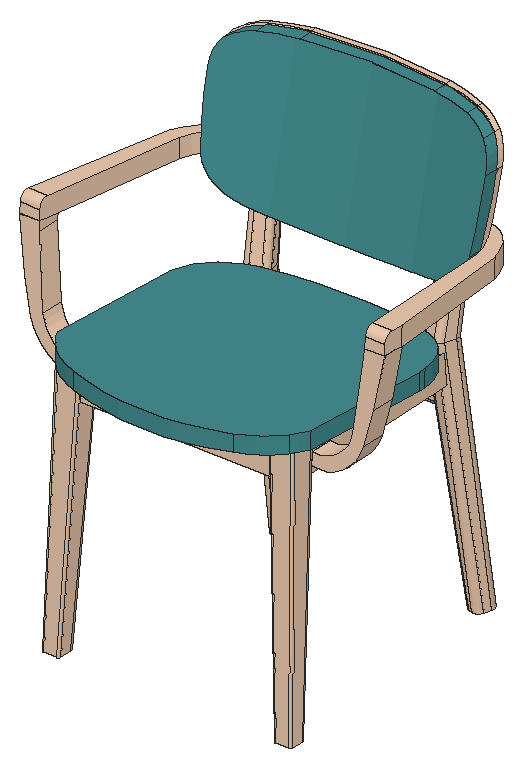
Revit family "FU_Chair_Sandler_Celina 2-13", category Furniture, Revit 2020
Family settings
  OmniClass Number = 23.40.20.00
  OmniClass Title = General Furniture and Specialties
  Work Plane-Based = No
  Always vertical = Yes
  Cut with Voids When Loaded = No
  Shared = No
  Room Calculation Point = No
Parameters (values of type "Celina 2.13")
  Width = 500 mm
  URL = "https://www.sandlerseating.com/product/celina-2-11/"
  Seat [instance] = Fabric - Manhattan - Leroy YI160
  Model = "Celina 2.13"
  Manufacturer = "Sandler"
  Height = 820 mm
  Frame [instance] = Wood - Beech - Walnut - V
  Description = "Armchair with a fully upholstered seat and upholstered back panel. The frame is in solid beech."
  Depth = 550 mm
  Default Elevation = 0 mm
Reference planes
  plane 1 "Center (Front/Back)": y = 0
  plane 2: z = 0
  plane 3 "Center (Left/Right)": x = 0
  plane 4 "Right": x = -250
  plane 5 "Left": x = 250
  plane 6 "Back": y = 275
  plane 7 "Front": y = -275
  plane 8 "Height": z = 820
  plane 9 "Seat height": z = 460
  plane 10 "Right Arm": x = -325
  plane 11 "Left Arm": x = 325
  plane 12 "FL C FRONT": through (206.59, -1524, 5.36) normal (-0.9994, 0, -0.0359)
  plane 13 "BL C Front": through (-178.282, -1524, 5.132) normal (-0.9999, 0, 0.0103)
  plane 14 "FL C RIGHT": through (4267.2, -211.114, 5.562) normal (0, -0.9986, 0.0521)
  plane 15: through (4267.2, 255.502, 4.2) normal (0, -0.9887, -0.1501)
  plane 16: through (4267.2, 190.415, 493.994) normal (0, -0.984, 0.1783)
Forms (mm)
  Sweep 1, solid, material "Fabric - Manhattan - Leroy YI160" <- "Seat"
    path origin (0.119, 29.292, 439.708) x (0, 0.99863, -0.052336) y (1, 0, 0)
      loop
        line (-311.844, 0) -> (171.86, 0)
    profile "Pro_celina_Seat_UPH : Pro_celina_Seat_UPH" origin (0.119, -40.604, 443.371) x (1, 0, 0) y (0, -0.052336, -0.99863)
      loop
        arc (226.228, -11.375) -> (0, 0) -> (-226.228, -11.375) r 2255.339
        line (-226.228, -11.375) -> (-226.228, -41.375)
        arc (-226.228, -41.375) -> (0, -30) -> (226.228, -41.375) r 2255.339
        line (226.228, -41.375) -> (226.228, -11.375)
  Extrusion 2, void
    sketch origin (0.119, -20.296, 502.02) x (-1, 0, 0) y (0, -1, 0)
      loop
        line (248.521, -230.925) -> (248.521, 269.075) -> (-251.479, 269.075) -> (-251.479, -230.925) -> (248.521, -230.925)
      loop
        arc (141.879, 235.713) -> (0.119, 256.987) -> (-141.64, 235.713) r 482.927
        arc (-141.64, 235.713) -> (-177.703, 219.068) -> (-208.046, 193.437) r 148.11
        arc (-208.046, 193.437) -> (-229.338, 158.084) -> (-235.769, 117.318) r 107.689
        arc (-235.769, 117.318) -> (-233.624, 13.584) -> (-224.626, -89.781) r 1568.852
        arc (-224.626, -89.781) -> (-196.277, -154.472) -> (-136.874, -192.68) r 122.229
        arc (-136.874, -192.68) -> (0.119, -211.879) -> (137.113, -192.68) r 498.358
        arc (137.113, -192.68) -> (196.516, -154.472) -> (224.865, -89.781) r 122.229
        arc (224.865, -89.781) -> (233.862, 13.584) -> (236.008, 117.318) r 1568.852
        arc (236.008, 117.318) -> (229.577, 158.084) -> (208.285, 193.437) r 107.689
        arc (208.285, 193.437) -> (177.942, 219.068) -> (141.879, 235.713) r 148.11
    from 10.492 to -76.796
  Sweep 3, solid, material "Fabric - Manhattan - Leroy YI160" <- "Seat"
    path origin (0.119, 37.154, -270.249) x (0, 1, 0) y (0, 0, 1)
      loop
        line (154.569, 770) -> (234.758, 1108.042)
    profile "Pro_celina_Back_UPH : Pro_celina_Back_UPH" origin (0.119, 231.818, 668.772) x (0, -0.972998, 0.230812) y (1, 0, 0)
      loop
        arc (42.034, 246.545) -> (3, 0) -> (42.034, -246.545) r 798.125
        arc (42.034, -246.545) -> (43.85, -249.045) -> (46.789, -250) r 5
        line (46.789, -250) -> (73.165, -250)
        arc (73.165, -250) -> (33, 0) -> (73.165, 250) r 798.125
        line (73.165, 250) -> (46.789, 250)
        arc (46.789, 250) -> (43.85, 249.045) -> (42.034, 246.545) r 5
  Extrusion 4, void
    sketch origin (0.119, 39.342, -270.874) x (1, 0, 0) y (0, 0, 1)
      loop
        line (119.761, 1090) -> (-121.25, 1090)
        arc (-121.25, 1090) -> (-154.552, 1088.857) -> (-187.721, 1085.67) r 541.973
        arc (-187.721, 1085.67) -> (-211.489, 1079.491) -> (-232.923, 1067.503) r 96.341
        arc (-232.923, 1067.503) -> (-245.694, 1045.257) -> (-249.494, 1019.89) r 69.271
        arc (-249.494, 1019.89) -> (-247.861, 958.646) -> (-241.122, 897.751) r 733.414
        arc (-241.122, 897.751) -> (-232.137, 873.763) -> (-214.284, 855.393) r 62.504
        arc (-214.284, 855.393) -> (-182.775, 839.296) -> (-148.432, 830.784) r 154.624
        arc (-148.432, 830.784) -> (-5.305, 821.343) -> (137.883, 829.803) r 1149.301
        arc (137.883, 829.803) -> (177.655, 837.565) -> (214.045, 855.393) r 154.624
        arc (214.045, 855.393) -> (231.898, 873.763) -> (240.883, 897.751) r 62.504
        arc (240.883, 897.751) -> (247.622, 958.646) -> (249.256, 1019.89) r 733.414
        arc (249.256, 1019.89) -> (245.455, 1045.257) -> (232.684, 1067.503) r 69.271
        arc (232.684, 1067.503) -> (211.25, 1079.491) -> (187.482, 1085.67) r 96.341
        arc (187.482, 1085.67) -> (153.689, 1088.897) -> (119.761, 1090) r 541.59
      loop
        line (-260, 1133.116) -> (-260, 753.116) -> (260, 753.116) -> (260, 1133.116) -> (-260, 1133.116)
    from -246.089 to -65.658
  SweptBlend 5, solid, material "Wood - Beech - Walnut - V" <- "Frame"
    path origin (206.516, 0, 7.419) x (0.035902, 0, -0.999355) y (0, -1, 0)
      loop
        line (15.798, 211.845) -> (-453.563, 187.36)
    profile origin (207.083, -211.845, -8.369) x (0.00187, 0.998642, -0.052062) y (-0.999355, 0, -0.035902)
      loop
        arc (-14.979, -11.006) -> (-13.796, -13.848) -> (-10.949, -15.021) r 4.023
        line (-10.949, -15.021) -> (11.028, -14.979)
        arc (11.028, -14.979) -> (13.854, -13.803) -> (15.021, -10.972) r 4
        line (15.021, -10.972) -> (14.979, 11.028)
        arc (14.979, 11.028) -> (13.803, 13.854) -> (10.972, 15.021) r 4
        line (10.972, 15.021) -> (-11.028, 14.979)
        arc (-11.028, 14.979) -> (-13.854, 13.803) -> (-15.021, 10.972) r 4
        line (-15.021, 10.972) -> (-14.979, -11.006)
    end profile origin (190.232, -187.36, 460.69) x (0.00187, 0.998642, -0.052062) y (-0.999355, 0, -0.035902)
      loop
        arc (-21.966, -18.041) -> (-20.789, -20.867) -> (-17.959, -22.034) r 4
        line (-17.959, -22.034) -> (18.041, -21.966)
        arc (18.041, -21.966) -> (20.867, -20.789) -> (22.034, -17.959) r 4
        line (22.034, -17.959) -> (21.966, 18.041)
        arc (21.966, 18.041) -> (20.789, 20.867) -> (17.959, 22.034) r 4
        line (17.959, 22.034) -> (-18.041, 21.966)
        arc (-18.041, 21.966) -> (-20.867, 20.789) -> (-22.034, 17.959) r 4
        line (-22.034, 17.959) -> (-21.966, -18.041)
  SweptBlend 6, solid, material "Wood - Beech - Walnut - V" <- "Frame"
    path origin (-178.316, 0, 1.838) x (-0.010308, 0, -0.999947) y (0, -1, 0)
      loop
        line (10.63, -257.754) -> (-463.93, -185.692)
    profile origin (-178.425, 257.754, -8.791) x (0.001548, 0.988666, 0.150121) y (-0.999947, 0, 0.010308)
      loop
        line (16.945, 1.2) -> (15.071, 7.954)
        arc (15.071, 7.954) -> (9.652, 14.89) -> (0.916, 15.962) r 11.5
        line (0.916, 15.962) -> (-12.575, 12.22)
        arc (-12.575, 12.22) -> (-19.51, 6.801) -> (-20.583, -1.935) r 11.5
        line (-20.583, -1.935) -> (-18.712, -8.681)
        arc (-18.712, -8.681) -> (-13.292, -15.616) -> (-4.556, -16.688) r 11.5
        line (-4.556, -16.688) -> (8.943, -12.944)
        arc (8.943, -12.944) -> (15.873, -7.529) -> (16.945, 1.2) r 11.49
    end profile origin (-173.534, 185.692, 465.743) x (0.001548, 0.988666, 0.150121) y (-0.999947, 0, 0.010308)
      loop
        line (5.481, 10.089) -> (-14.232, 4.749)
        arc (-14.232, 4.749) -> (-20.595, -0.161) -> (-21.622, -8.131) r 10.5
        line (-21.622, -8.131) -> (-16.447, -27.235)
        arc (-16.447, -27.235) -> (-11.538, -33.597) -> (-3.567, -34.624) r 10.5
        line (-3.567, -34.624) -> (16.146, -29.284)
        arc (16.146, -29.284) -> (22.508, -24.375) -> (23.535, -16.404) r 10.5
        line (23.535, -16.404) -> (18.361, 2.699)
        arc (18.361, 2.699) -> (13.451, 9.061) -> (5.481, 10.089) r 10.5
  SweptBlend 7, solid, material "Wood - Beech - Walnut - V" <- "Frame"
    path origin (-178.316, 0, 1.838) x (-0.010308, 0, -0.999947) y (0, -1, 0)
      loop
        line (-447.138, -184.221) -> (-698.053, -229.684)
    profile origin (-173.707, 184.221, 448.952) x (-0.001838, 0.983979, -0.178274) y (-0.999947, 0, 0.010308)
      loop
        line (6.359, 10.097) -> (-14.247, 4.59)
        arc (-14.247, 4.59) -> (-20.626, -0.298) -> (-21.68, -8.265) r 10.5
        line (-21.68, -8.265) -> (-16.57, -27.386)
        arc (-16.57, -27.386) -> (-11.682, -33.765) -> (-3.715, -34.819) r 10.5
        line (-3.715, -34.819) -> (16.891, -29.312)
        arc (16.891, -29.312) -> (23.269, -24.424) -> (24.324, -16.457) r 10.5
        line (24.324, -16.457) -> (19.214, 2.664)
        arc (19.214, 2.664) -> (14.326, 9.042) -> (6.359, 10.097) r 10.5
    end profile origin (-171.12, 229.684, 699.854) x (-0.001838, 0.983979, -0.178274) y (-0.999947, 0, 0.010308)
      loop
        arc (10.888, 12.173) -> (6.714, 17.652) -> (-0.112, 18.575) r 9
        line (-0.112, 18.575) -> (-10.954, 15.71)
        arc (-10.954, 15.71) -> (-16.436, 11.534) -> (-17.36, 4.704) r 9.005
        line (-17.36, 4.704) -> (-12.919, -12.102)
        arc (-12.919, -12.102) -> (-8.745, -17.581) -> (-1.919, -18.504) r 9
        line (-1.919, -18.504) -> (8.928, -15.638)
        arc (8.928, -15.638) -> (14.407, -11.464) -> (15.33, -4.638) r 9
        line (15.33, -4.638) -> (10.888, 12.173)
  Extrusion 8, void
    sketch origin (-178.316, 0, 1.838) x (-0.010308, 0, -0.999947) y (0, -1, 0)
      loop
        line (-458.111, -152.645) -> (-458.111, -224.882) -> (-439.168, -224.882) -> (-439.168, -152.645) -> (-458.111, -152.645)
    from -48.983 to 26.092
  Extrusion 9, void
    sketch origin (-178.316, 0, 1.838) x (-0.010308, 0, -0.999947) y (0, -1, 0)
      loop
        line (-458.228, -152.645) -> (-470.347, -152.645) -> (-470.347, -224.294) -> (-458.228, -224.294) -> (-458.228, -152.645)
    from -48.983 to 26.092
  SweptBlend 10, solid, material "Wood - Beech - Walnut - V" <- "Frame"
    path origin (178.316, 0, 1.838) x (0.010308, 0, -0.999947) y (0, 1, 0)
      loop
        line (10.63, 257.754) -> (-463.93, 185.692)
    profile origin (178.425, 257.754, -8.791) x (0.001548, -0.988666, -0.150121) y (0.999947, 0, 0.010308)
      loop
        arc (-16.945, 1.2) -> (-15.873, -7.529) -> (-8.943, -12.944) r 11.49
        line (-8.943, -12.944) -> (4.556, -16.688)
        arc (4.556, -16.688) -> (13.292, -15.616) -> (18.712, -8.681) r 11.5
        line (18.712, -8.681) -> (20.583, -1.935)
        arc (20.583, -1.935) -> (19.51, 6.801) -> (12.575, 12.22) r 11.5
        line (12.575, 12.22) -> (-0.916, 15.962)
        arc (-0.916, 15.962) -> (-9.652, 14.89) -> (-15.071, 7.954) r 11.5
        line (-15.071, 7.954) -> (-16.945, 1.2)
    end profile origin (173.534, 185.692, 465.743) x (0.001548, -0.988666, -0.150121) y (0.999947, 0, 0.010308)
      loop
        arc (-5.481, 10.089) -> (-13.451, 9.061) -> (-18.361, 2.699) r 10.5
        line (-18.361, 2.699) -> (-23.535, -16.404)
        arc (-23.535, -16.404) -> (-22.508, -24.375) -> (-16.146, -29.284) r 10.5
        line (-16.146, -29.284) -> (3.567, -34.624)
        arc (3.567, -34.624) -> (11.538, -33.597) -> (16.447, -27.235) r 10.5
        line (16.447, -27.235) -> (21.622, -8.131)
        arc (21.622, -8.131) -> (20.595, -0.161) -> (14.232, 4.749) r 10.5
        line (14.232, 4.749) -> (-5.481, 10.089)
  SweptBlend 11, solid, material "Wood - Beech - Walnut - V" <- "Frame"
    path origin (178.316, 0, 1.838) x (0.010308, 0, -0.999947) y (0, 1, 0)
      loop
        line (-447.138, 184.221) -> (-698.053, 229.684)
    profile origin (173.707, 184.221, 448.952) x (-0.001838, -0.983979, 0.178274) y (0.999947, 0, 0.010308)
      loop
        arc (-6.359, 10.097) -> (-14.326, 9.042) -> (-19.214, 2.664) r 10.5
        line (-19.214, 2.664) -> (-24.324, -16.457)
        arc (-24.324, -16.457) -> (-23.269, -24.424) -> (-16.891, -29.312) r 10.5
        line (-16.891, -29.312) -> (3.715, -34.819)
        arc (3.715, -34.819) -> (11.682, -33.765) -> (16.57, -27.386) r 10.5
        line (16.57, -27.386) -> (21.68, -8.265)
        arc (21.68, -8.265) -> (20.626, -0.298) -> (14.247, 4.59) r 10.5
        line (14.247, 4.59) -> (-6.359, 10.097)
    end profile origin (171.12, 229.684, 699.854) x (-0.001838, -0.983979, 0.178274) y (0.999947, 0, 0.010308)
      loop
        line (-10.888, 12.173) -> (-15.33, -4.638)
        arc (-15.33, -4.638) -> (-14.407, -11.464) -> (-8.928, -15.638) r 9
        line (-8.928, -15.638) -> (1.919, -18.504)
        arc (1.919, -18.504) -> (8.745, -17.581) -> (12.919, -12.102) r 9
        line (12.919, -12.102) -> (17.36, 4.704)
        arc (17.36, 4.704) -> (16.436, 11.534) -> (10.954, 15.71) r 9.005
        line (10.954, 15.71) -> (0.112, 18.575)
        arc (0.112, 18.575) -> (-6.714, 17.652) -> (-10.888, 12.173) r 9
  Extrusion 12, void
    sketch origin (178.316, 0, 1.838) x (0.010308, 0, -0.999947) y (0, 1, 0)
      loop
        line (-458.111, 152.645) -> (-439.168, 152.645) -> (-439.168, 224.882) -> (-458.111, 224.882) -> (-458.111, 152.645)
    from -48.983 to 26.092
  Extrusion 13, void
    sketch origin (178.316, 0, 1.838) x (0.010308, 0, -0.999947) y (0, 1, 0)
      loop
        line (-458.228, 152.645) -> (-458.228, 224.294) -> (-470.347, 224.294) -> (-470.347, 152.645) -> (-458.228, 152.645)
    from -48.983 to 26.092
  SweptBlend 14, solid, material "Wood - Beech - Walnut - V" <- "Frame"
    path origin (-206.516, 0, 7.419) x (-0.035902, 0, -0.999355) y (0, 1, 0)
      loop
        line (15.798, -211.845) -> (-453.563, -187.36)
    profile origin (-207.083, -211.845, -8.369) x (0.00187, -0.998642, 0.052062) y (0.999355, 0, -0.035902)
      loop
        line (14.979, -11.006) -> (15.021, 10.972)
        arc (15.021, 10.972) -> (13.854, 13.803) -> (11.028, 14.979) r 4
        line (11.028, 14.979) -> (-10.972, 15.021)
        arc (-10.972, 15.021) -> (-13.803, 13.854) -> (-14.979, 11.028) r 4
        line (-14.979, 11.028) -> (-15.021, -10.972)
        arc (-15.021, -10.972) -> (-13.854, -13.803) -> (-11.028, -14.979) r 4
        line (-11.028, -14.979) -> (10.949, -15.021)
        arc (10.949, -15.021) -> (13.796, -13.848) -> (14.979, -11.006) r 4.023
    end profile origin (-190.232, -187.36, 460.69) x (0.00187, -0.998642, 0.052062) y (0.999355, 0, -0.035902)
      loop
        line (21.966, -18.041) -> (22.034, 17.959)
        arc (22.034, 17.959) -> (20.867, 20.789) -> (18.041, 21.966) r 4
        line (18.041, 21.966) -> (-17.959, 22.034)
        arc (-17.959, 22.034) -> (-20.789, 20.867) -> (-21.966, 18.041) r 4
        line (-21.966, 18.041) -> (-22.034, -17.959)
        arc (-22.034, -17.959) -> (-20.867, -20.789) -> (-18.041, -21.966) r 4
        line (-18.041, -21.966) -> (17.959, -22.034)
        arc (17.959, -22.034) -> (20.789, -20.867) -> (21.966, -18.041) r 4
  Extrusion 15, solid, material "Wood - Beech - Walnut - V" <- "Frame"
    sketch origin (0, 0, 460) x (-1, 0, 0) y (0, -1, 0)
      loop
        line (175.074, 174.445) -> (175.074, 205.637) -> (-174.926, 205.637) -> (-174.926, 174.445) -> (175.074, 174.445)
      loop
        line (207.36, 174.272) -> (178.067, 176.828) -> (146.379, -186.366) -> (176.28, -181.947) -> (207.36, 174.272)
      loop
        line (-207.36, 174.272) -> (-176.28, -181.947) -> (-146.379, -186.366) -> (-178.067, 176.828) -> (-207.36, 174.272)
    from 0 to -78.018
  Sweep 16, void
    path origin (0.119, 30.664, 441.798) x (0, 0.99863, -0.052336) y (1, 0, 0)
      loop
        line (-311.844, 0) -> (193.156, 0)
    profile "Pro_celina_Seat-cut : Pro_celina_Seat-cut" origin (0.119, -28.599, 444.904) x (1, 0, 0) y (0, -0.052336, -0.99863)
      loop
        arc (237.5, -12.54) -> (0, 0) -> (-237.5, -12.54) r 2255.339
        line (-237.5, -12.54) -> (-237.5, -65.04)
        arc (-237.5, -65.04) -> (0, -52.5) -> (237.5, -65.04) r 2255.339
        line (237.5, -65.04) -> (237.5, -12.54)
  Extrusion 17, void
    sketch origin (0, 0, 0) x (0, 1, 0) y (0, 0, 1)
      loop
        line (-229.224, 409.273) -> (-229.224, 334.273) -> (230.12, 334.273) -> (230.12, 384.715) -> (-229.224, 409.273)
    from -250 to 250
  Extrusion 18, solid, material "Wood - Beech - Walnut - V" <- "Frame"
    sketch origin (0, 0, 0) x (0, 1, 0) y (0, 0, 1)
      loop
        arc (213.056, 367.317) -> (210.682, 371.248) -> (206.223, 372.348) r 6
        line (206.223, 372.348) -> (198.535, 371.181)
        arc (198.535, 371.181) -> (194.604, 368.806) -> (193.503, 364.348) r 6
        line (193.503, 364.348) -> (197.257, 339.631)
        arc (197.257, 339.631) -> (199.631, 335.701) -> (204.09, 334.6) r 6
        line (204.09, 334.6) -> (211.778, 335.768)
        arc (211.778, 335.768) -> (215.709, 338.142) -> (216.81, 342.601) r 6
        line (216.81, 342.601) -> (213.056, 367.317)
    from -168 to 168
  Extrusion 19, void
    sketch origin (0, 0, 0) x (0, 1, 0) y (0, 0, 1)
      loop
        line (-275, 0) -> (-275, -32.791) -> (280, -32.791) -> (280, 0) -> (-275, 0)
    from -250 to 250
  Sweep 20, solid, material "Wood - Beech - Walnut - V" <- "Frame"
    path origin (0.119, 37.154, -270.249) x (0, 1, 0) y (0, 0, 1)
      loop
        line (154.569, 770) -> (234.758, 1108.042)
    profile "Pro_celina_Back : Pro_celina_Back" origin (0.119, 231.818, 668.772) x (0, -0.972998, 0.230812) y (1, 0, 0)
      loop
        arc (50.165, -250) -> (10, 0) -> (50.165, 250) r 798.119
        line (50.165, 250) -> (40.165, 250)
        arc (40.165, 250) -> (0, 0) -> (40.165, -250) r 798.125
        line (40.165, -250) -> (50.165, -250)
  Extrusion 21, void
    sketch origin (0, 0, 0) x (1, 0, 0) y (0, 0, 1)
      loop
        line (119.189, 817.664) -> (-121.182, 817.664)
        arc (-121.182, 817.664) -> (-154.204, 816.535) -> (-187.094, 813.377) r 536.553
        arc (-187.094, 813.377) -> (-210.624, 807.259) -> (-231.844, 795.391) r 95.377
        arc (-231.844, 795.391) -> (-244.487, 773.368) -> (-248.249, 748.255) r 68.579
        arc (-248.249, 748.255) -> (-246.632, 687.623) -> (-239.96, 627.337) r 726.08
        arc (-239.96, 627.337) -> (-231.065, 603.589) -> (-213.391, 585.403) r 61.879
        arc (-213.391, 585.403) -> (-182.197, 569.467) -> (-148.198, 561.039) r 153.077
        arc (-148.198, 561.039) -> (-7.322, 551.696) -> (133.626, 559.871) r 1137.808
        arc (133.626, 559.871) -> (175.165, 567.108) -> (213.154, 585.403) r 153.077
        arc (213.154, 585.403) -> (230.829, 603.589) -> (239.724, 627.337) r 61.879
        arc (239.724, 627.337) -> (246.396, 687.623) -> (248.013, 748.255) r 726.08
        arc (248.013, 748.255) -> (244.25, 773.368) -> (231.607, 795.391) r 68.579
        arc (231.607, 795.391) -> (210.388, 807.259) -> (186.857, 813.377) r 95.377
        arc (186.857, 813.377) -> (153.091, 816.591) -> (119.189, 817.664) r 536.174
      loop
        line (-260, 862.242) -> (-260, 482.242) -> (260, 482.242) -> (260, 862.242) -> (-260, 862.242)
    from -291.827 to -115.962
Cuts and joins
  Extrusion 2 cuts Sweep 1
  Extrusion 8 cuts SweptBlend 7
  Extrusion 9, Extrusion 19 cuts SweptBlend 6
  Extrusion 12 cuts SweptBlend 11
  Extrusion 13, Extrusion 19 cuts SweptBlend 10
  Sweep 16, Extrusion 17 cuts Extrusion 15
  Extrusion 19 cuts SweptBlend 14
  Extrusion 19 cuts SweptBlend 5
  Extrusion 4 cuts Sweep 20
  Extrusion 21 cuts Sweep 3
Dimensions and locks
  equal spacing: plane 4 "Right", plane 3 "Center (Left/Right)", plane 5 "Left"
  "Width": plane 4 "Right" to plane 5 "Left"
  equal spacing: plane 6 "Back", plane 1 "Center (Front/Back)", plane 7 "Front"
  "Depth": plane 6 "Back" to plane 7 "Front"
  "Height": plane 8 "Height" to level
  plane 9 "Seat height" to level = 460 mm
  equal spacing: plane 10 "Right Arm", plane 3 "Center (Left/Right)", plane 11 "Left Arm"
  plane 10 "Right Arm" to plane 11 "Left Arm" = 650 mm
  aligned and locked: level to plane 2
Automatic sketch dimensions
  plane 3 "Center (Left/Right)" to Sweep 1 sketch curve = 0.119 mm
  Sweep 1 sketch curve to Sweep 1 sketch curve = 483.704 mm
  Extrusion 2 sketch curve to plane 3 "Center (Left/Right)" = 0 mm  (x2)
  plane 3 "Center (Left/Right)" to Extrusion 2 sketch curve = 98.283 mm
  Extrusion 2 sketch curve to plane 1 "Center (Front/Back)" = 54.865 mm  (x2)
  plane 3 "Center (Left/Right)" to Extrusion 2 sketch curve = 103.394 mm
  Extrusion 2 sketch curve to Extrusion 2 sketch curve = 29.988 mm  (x2)
  Extrusion 2 sketch curve to plane 5 "Left" = 1.598 mm
  plane 1 "Center (Front/Back)" to Extrusion 2 sketch curve = 118.175 mm  (x2)
  Extrusion 2 sketch curve to plane 11 "Left Arm" = 1007.843 mm
  Extrusion 2 sketch curve to plane 3 "Center (Left/Right)" = 98.283 mm
  Extrusion 2 sketch curve to plane 3 "Center (Left/Right)" = 103.394 mm
  Extrusion 2 sketch curve to plane 4 "Right" = 1.598 mm
  plane 10 "Right Arm" to Extrusion 2 sketch curve = 1007.843 mm
  Extrusion 2 sketch curve to plane 6 "Back" = 69.356 mm
  Extrusion 2 sketch curve to plane 6 "Back" = 64.371 mm
  plane 1 "Center (Front/Back)" to Extrusion 2 sketch curve = 114.424 mm  (x2)
  Extrusion 2 sketch curve to Extrusion 2 sketch curve = 27.102 mm  (x2)
  Extrusion 2 sketch curve to plane 7 "Front" = 14.371 mm
  Extrusion 2 sketch curve to plane 7 "Front" = 31.774 mm
  Extrusion 2 sketch curve to plane 6 "Back" = 102.616 mm
  Extrusion 2 sketch curve to Extrusion 2 sketch curve = 0 mm  (x8)
  plane 7 "Front" to Extrusion 2 sketch curve = 18.991 mm
  plane 9 "Seat height" to Sweep 3 sketch curve = 39.751 mm
  Sweep 3 sketch curve to plane 6 "Back" = 83.277 mm
  Sweep 3 sketch curve to plane 6 "Back" = 3.087 mm
  plane 8 "Height" to Sweep 3 sketch curve = 17.793 mm
  plane 10 "Right Arm" to Extrusion 4 sketch curve = 158.955 mm
  plane 4 "Right" to Extrusion 4 sketch curve = 9.881 mm
  Extrusion 4 sketch curve to plane 4 "Right" = 69.848 mm
  Extrusion 4 sketch curve to plane 4 "Right" = 70.781 mm
  Extrusion 4 sketch curve to Extrusion 4 sketch curve = 4.71 mm  (x2)
  Extrusion 4 sketch curve to Extrusion 4 sketch curve = 46.915 mm  (x2)
  Extrusion 4 sketch curve to plane 8 "Height" = 0.874 mm
  Extrusion 4 sketch curve to Extrusion 4 sketch curve = 59.022 mm
  Extrusion 4 sketch curve to plane 3 "Center (Left/Right)" = 119.201 mm
  Extrusion 4 sketch curve to plane 3 "Center (Left/Right)" = 1.25 mm
  plane 3 "Center (Left/Right)" to Extrusion 4 sketch curve = 119.25 mm
  plane 3 "Center (Left/Right)" to Extrusion 4 sketch curve = 119.881 mm
  Extrusion 4 sketch curve to Extrusion 4 sketch curve = 8.647 mm
  plane 5 "Left" to Extrusion 4 sketch curve = 70.781 mm
  Extrusion 4 sketch curve to plane 5 "Left" = 10.119 mm
  Extrusion 4 sketch curve to plane 8 "Height" = 82.07 mm  (x2)
  Extrusion 4 sketch curve to plane 11 "Left Arm" = 158.955 mm
  Extrusion 4 sketch curve to plane 8 "Height" = 100.775 mm  (x2)
  Extrusion 4 sketch curve to Extrusion 4 sketch curve = 5.963 mm  (x2)
  Extrusion 4 sketch curve to Extrusion 4 sketch curve = 82.884 mm  (x2)
  plane 9 "Seat height" to Extrusion 4 sketch curve = 22.242 mm
  Extrusion 4 sketch curve to plane 9 "Seat height" = 182.463 mm
  Extrusion 4 sketch curve to plane 9 "Seat height" = 182.844 mm
  Extrusion 4 sketch curve to Extrusion 4 sketch curve = 32.388 mm  (x2)
  plane 8 "Height" to Extrusion 4 sketch curve = 42.242 mm
  Extrusion 4 sketch curve to Extrusion 4 sketch curve = 837.521 mm
  Extrusion 4 sketch curve to plane 4 "Right" = 0.625 mm
  Extrusion 4 sketch curve to plane 4 "Right" = 8.998 mm
  Extrusion 4 sketch curve to Extrusion 4 sketch curve = 0 mm  (x4)
  Extrusion 4 sketch curve to plane 4 "Right" = 17.196 mm
  Extrusion 4 sketch curve to plane 4 "Right" = 35.836 mm
  Extrusion 4 sketch curve to Extrusion 4 sketch curve = 41.216 mm
  plane 5 "Left" to Extrusion 4 sketch curve = 35.836 mm
  plane 5 "Left" to Extrusion 4 sketch curve = 17.196 mm
  plane 7 "Front" to SweptBlend 5 sketch curve = 87.64 mm
  plane 7 "Front" to SweptBlend 5 sketch curve = 63.155 mm
  SweptBlend 5 sketch curve to SweptBlend 5 sketch curve = 469.362 mm
  profile plane to SweptBlend 5 sketch curve = 15.021 mm
  profile plane to SweptBlend 5 sketch curve = 14.979 mm
  SweptBlend 5 sketch curve to SweptBlend 5 sketch curve = 3.993 mm  (x3)
  SweptBlend 5 sketch curve to SweptBlend 5 sketch curve = 4 mm  (x9)
  SweptBlend 5 sketch curve to SweptBlend 5 sketch curve = 4.023 mm
  SweptBlend 5 sketch curve to SweptBlend 5 sketch curve = 0.008 mm
  SweptBlend 5 sketch curve to profile plane = 10.972 mm
  SweptBlend 5 sketch curve to SweptBlend 5 sketch curve = 0.007 mm  (x9)
  SweptBlend 5 sketch curve to profile plane = 11.021 mm
  SweptBlend 5 sketch curve to plane 12 "FL C FRONT" = 15.021 mm
  SweptBlend 5 sketch curve to plane 12 "FL C FRONT" = 14.979 mm
  SweptBlend 5 sketch curve to SweptBlend 5 sketch curve = 4.015 mm
  plane 12 "FL C FRONT" to SweptBlend 5 sketch curve = 10.972 mm
  plane 12 "FL C FRONT" to SweptBlend 5 sketch curve = 11.021 mm
  profile plane to SweptBlend 5 sketch curve = 22.034 mm
  profile plane to SweptBlend 5 sketch curve = 21.966 mm
  SweptBlend 5 sketch curve to profile plane = 17.959 mm
  SweptBlend 5 sketch curve to profile plane = 18.034 mm
  SweptBlend 5 sketch curve to plane 12 "FL C FRONT" = 22.034 mm
  SweptBlend 5 sketch curve to plane 12 "FL C FRONT" = 21.966 mm
  plane 12 "FL C FRONT" to SweptBlend 5 sketch curve = 17.959 mm
  plane 12 "FL C FRONT" to SweptBlend 5 sketch curve = 18.034 mm
  SweptBlend 6 sketch curve to plane 6 "Back" = 89.308 mm
  SweptBlend 6 sketch curve to plane 6 "Back" = 17.246 mm
  SweptBlend 6 sketch curve to SweptBlend 6 sketch curve = 474.56 mm
  SweptBlend 6 sketch curve to plane 13 "BL C Front" = 1.935 mm
  profile plane to SweptBlend 6 sketch curve = 20.583 mm
  SweptBlend 6 sketch curve to plane 13 "BL C Front" = 8.681 mm
  SweptBlend 6 sketch curve to SweptBlend 6 sketch curve = 1.871 mm  (x2)
  profile plane to SweptBlend 6 sketch curve = 12.575 mm
  plane 13 "BL C Front" to SweptBlend 6 sketch curve = 1.138 mm
  profile plane to SweptBlend 6 sketch curve = 9.501 mm
  profile plane to SweptBlend 6 sketch curve = 4.556 mm
  SweptBlend 6 sketch curve to profile plane = 0.916 mm
  SweptBlend 6 sketch curve to profile plane = 3.99 mm
  SweptBlend 6 sketch curve to plane 13 "BL C Front" = 1.872 mm
  SweptBlend 6 sketch curve to profile plane = 5.872 mm
  SweptBlend 6 sketch curve to profile plane = 8.943 mm
  plane 13 "BL C Front" to SweptBlend 6 sketch curve = 7.954 mm
  SweptBlend 6 sketch curve to SweptBlend 6 sketch curve = 11.082 mm
  plane 13 "BL C Front" to SweptBlend 6 sketch curve = 1.2 mm
  SweptBlend 6 sketch curve to SweptBlend 6 sketch curve = 1.874 mm
  SweptBlend 6 sketch curve to SweptBlend 6 sketch curve = 3.745 mm
  plane 13 "BL C Front" to SweptBlend 6 sketch curve = 4.88 mm
  SweptBlend 6 sketch curve to plane 13 "BL C Front" = 8.131 mm
  profile plane to SweptBlend 6 sketch curve = 21.622 mm
  profile plane to SweptBlend 6 sketch curve = 16.447 mm
  plane 13 "BL C Front" to SweptBlend 6 sketch curve = 4.749 mm
  profile plane to SweptBlend 6 sketch curve = 14.232 mm
  SweptBlend 6 sketch curve to plane 13 "BL C Front" = 5.386 mm
  profile plane to SweptBlend 6 sketch curve = 6.313 mm
  profile plane to SweptBlend 6 sketch curve = 3.567 mm
  SweptBlend 6 sketch curve to profile plane = 5.481 mm
  SweptBlend 6 sketch curve to plane 13 "BL C Front" = 0.046 mm
  SweptBlend 6 sketch curve to profile plane = 8.226 mm
  SweptBlend 6 sketch curve to profile plane = 13.4 mm
  SweptBlend 6 sketch curve to SweptBlend 6 sketch curve = 2.745 mm  (x3)
  plane 13 "BL C Front" to SweptBlend 6 sketch curve = 2.699 mm
  SweptBlend 6 sketch curve to SweptBlend 6 sketch curve = 10.135 mm  (x2)
  SweptBlend 6 sketch curve to plane 13 "BL C Front" = 16.404 mm
  SweptBlend 6 sketch curve to SweptBlend 6 sketch curve = 19.103 mm
  SweptBlend 7 sketch curve to plane 6 "Back" = 45.316 mm
  SweptBlend 7 sketch curve to plane 6 "Back" = 90.779 mm
  SweptBlend 7 sketch curve to SweptBlend 7 sketch curve = 250.915 mm
  plane 13 "BL C Front" to SweptBlend 7 sketch curve = 4.704 mm
  profile plane to SweptBlend 7 sketch curve = 17.36 mm
  profile plane to SweptBlend 7 sketch curve = 12.919 mm
  profile plane to SweptBlend 7 sketch curve = 10.954 mm
  profile plane to SweptBlend 7 sketch curve = 8.654 mm
  profile plane to SweptBlend 7 sketch curve = 4.218 mm
  profile plane to SweptBlend 7 sketch curve = 1.919 mm
  profile plane to SweptBlend 7 sketch curve = 0.112 mm
  SweptBlend 7 sketch curve to profile plane = 2.187 mm
  SweptBlend 7 sketch curve to profile plane = 6.628 mm
  SweptBlend 7 sketch curve to profile plane = 8.928 mm
  SweptBlend 7 sketch curve to SweptBlend 7 sketch curve = 8.701 mm  (x2)
  SweptBlend 7 sketch curve to plane 13 "BL C Front" = 4.638 mm
  SweptBlend 7 sketch curve to plane 13 "BL C Front" = 6.937 mm
  SweptBlend 7 sketch curve to plane 13 "BL C Front" = 9.803 mm
  SweptBlend 7 sketch curve to SweptBlend 7 sketch curve = 2.299 mm  (x2)
  plane 13 "BL C Front" to SweptBlend 7 sketch curve = 7.004 mm
  plane 13 "BL C Front" to SweptBlend 7 sketch curve = 9.873 mm
  SweptBlend 7 sketch curve to plane 13 "BL C Front" = 8.265 mm
  profile plane to SweptBlend 7 sketch curve = 21.68 mm
  profile plane to SweptBlend 7 sketch curve = 16.57 mm
  plane 13 "BL C Front" to SweptBlend 7 sketch curve = 4.59 mm
  profile plane to SweptBlend 7 sketch curve = 14.247 mm
  SweptBlend 7 sketch curve to plane 13 "BL C Front" = 5.554 mm
  profile plane to SweptBlend 7 sketch curve = 6.426 mm
  profile plane to SweptBlend 7 sketch curve = 3.715 mm
  SweptBlend 7 sketch curve to profile plane = 6.359 mm
  SweptBlend 7 sketch curve to plane 13 "BL C Front" = 0.047 mm
  SweptBlend 7 sketch curve to profile plane = 9.07 mm
  SweptBlend 7 sketch curve to profile plane = 14.18 mm
  SweptBlend 7 sketch curve to SweptBlend 7 sketch curve = 2.711 mm  (x3)
  plane 13 "BL C Front" to SweptBlend 7 sketch curve = 2.664 mm
  SweptBlend 7 sketch curve to SweptBlend 7 sketch curve = 10.144 mm  (x2)
  SweptBlend 7 sketch curve to plane 13 "BL C Front" = 16.457 mm
  SweptBlend 7 sketch curve to SweptBlend 7 sketch curve = 19.121 mm
  Extrusion 8 sketch curve to plane 6 "Back" = 50.118 mm
  Extrusion 8 sketch curve to Extrusion 8 sketch curve = 18.943 mm
  Extrusion 8 sketch curve to Extrusion 8 sketch curve = 72.237 mm
  Extrusion 9 sketch curve to plane 6 "Back" = 122.355 mm
  Extrusion 9 sketch curve to Extrusion 9 sketch curve = 12.119 mm
  Extrusion 9 sketch curve to plane 6 "Back" = 50.706 mm
  SweptBlend 10 sketch curve to plane 6 "Back" = 89.308 mm
  SweptBlend 10 sketch curve to plane 6 "Back" = 17.246 mm
  SweptBlend 10 sketch curve to SweptBlend 10 sketch curve = 474.56 mm
  profile plane to SweptBlend 10 sketch curve = 1.2 mm
  profile plane to SweptBlend 10 sketch curve = 16.945 mm
  SweptBlend 10 sketch curve to SweptBlend 10 sketch curve = 1.874 mm
  profile plane to SweptBlend 10 sketch curve = 8.943 mm
  SweptBlend 10 sketch curve to profile plane = 1.872 mm
  profile plane to SweptBlend 10 sketch curve = 5.872 mm
  profile plane to SweptBlend 10 sketch curve = 3.99 mm
  profile plane to SweptBlend 10 sketch curve = 0.916 mm
  SweptBlend 10 sketch curve to profile plane = 4.556 mm
  SweptBlend 10 sketch curve to profile plane = 7.63 mm
  profile plane to SweptBlend 10 sketch curve = 1.138 mm
  SweptBlend 10 sketch curve to SweptBlend 10 sketch curve = 1.871 mm  (x2)
  SweptBlend 10 sketch curve to SweptBlend 10 sketch curve = 3.074 mm
  SweptBlend 10 sketch curve to profile plane = 8.681 mm
  SweptBlend 10 sketch curve to SweptBlend 10 sketch curve = 11.082 mm
  SweptBlend 10 sketch curve to profile plane = 1.935 mm
  SweptBlend 10 sketch curve to SweptBlend 10 sketch curve = 3.745 mm
  profile plane to SweptBlend 10 sketch curve = 4.88 mm
  SweptBlend 10 sketch curve to SweptBlend 10 sketch curve = 6.754 mm
  profile plane to SweptBlend 10 sketch curve = 23.535 mm
  profile plane to SweptBlend 10 sketch curve = 2.699 mm
  profile plane to SweptBlend 10 sketch curve = 18.361 mm
  SweptBlend 10 sketch curve to SweptBlend 10 sketch curve = 7.389 mm
  SweptBlend 10 sketch curve to SweptBlend 10 sketch curve = 10.135 mm  (x2)
  SweptBlend 10 sketch curve to profile plane = 0.046 mm
  profile plane to SweptBlend 10 sketch curve = 8.226 mm
  profile plane to SweptBlend 10 sketch curve = 5.481 mm
  SweptBlend 10 sketch curve to profile plane = 3.567 mm
  SweptBlend 10 sketch curve to profile plane = 6.313 mm
  SweptBlend 10 sketch curve to profile plane = 5.386 mm
  SweptBlend 10 sketch curve to profile plane = 11.487 mm
  profile plane to SweptBlend 10 sketch curve = 4.749 mm
  SweptBlend 10 sketch curve to SweptBlend 10 sketch curve = 2.745 mm  (x3)
  SweptBlend 10 sketch curve to profile plane = 8.131 mm
  SweptBlend 10 sketch curve to profile plane = 16.404 mm
  SweptBlend 10 sketch curve to SweptBlend 10 sketch curve = 19.103 mm
  SweptBlend 11 sketch curve to plane 6 "Back" = 45.316 mm
  SweptBlend 11 sketch curve to plane 6 "Back" = 90.779 mm
  SweptBlend 11 sketch curve to SweptBlend 11 sketch curve = 250.915 mm
  SweptBlend 11 sketch curve to profile plane = 4.638 mm
  profile plane to SweptBlend 11 sketch curve = 15.33 mm
  profile plane to SweptBlend 11 sketch curve = 10.888 mm
  profile plane to SweptBlend 11 sketch curve = 8.928 mm
  profile plane to SweptBlend 11 sketch curve = 6.628 mm
  profile plane to SweptBlend 11 sketch curve = 2.187 mm
  SweptBlend 11 sketch curve to profile plane = 0.112 mm
  SweptBlend 11 sketch curve to profile plane = 1.919 mm
  SweptBlend 11 sketch curve to profile plane = 4.218 mm
  SweptBlend 11 sketch curve to profile plane = 8.654 mm
  SweptBlend 11 sketch curve to SweptBlend 11 sketch curve = 2.3 mm
  SweptBlend 11 sketch curve to SweptBlend 11 sketch curve = 8.701 mm
  profile plane to SweptBlend 11 sketch curve = 4.704 mm
  SweptBlend 11 sketch curve to SweptBlend 11 sketch curve = 8.706 mm
  SweptBlend 11 sketch curve to profile plane = 6.937 mm
  SweptBlend 11 sketch curve to profile plane = 9.803 mm
  SweptBlend 11 sketch curve to SweptBlend 11 sketch curve = 2.299 mm  (x2)
  profile plane to SweptBlend 11 sketch curve = 7.004 mm
  profile plane to SweptBlend 11 sketch curve = 9.873 mm
  profile plane to SweptBlend 11 sketch curve = 24.324 mm
  profile plane to SweptBlend 11 sketch curve = 2.664 mm
  profile plane to SweptBlend 11 sketch curve = 19.214 mm
  SweptBlend 11 sketch curve to SweptBlend 11 sketch curve = 7.433 mm
  SweptBlend 11 sketch curve to SweptBlend 11 sketch curve = 10.144 mm  (x2)
  SweptBlend 11 sketch curve to profile plane = 0.047 mm
  profile plane to SweptBlend 11 sketch curve = 9.07 mm
  profile plane to SweptBlend 11 sketch curve = 6.359 mm
  SweptBlend 11 sketch curve to profile plane = 3.715 mm
  SweptBlend 11 sketch curve to profile plane = 6.426 mm
  SweptBlend 11 sketch curve to profile plane = 5.554 mm
  SweptBlend 11 sketch curve to profile plane = 11.536 mm
  profile plane to SweptBlend 11 sketch curve = 4.59 mm
  SweptBlend 11 sketch curve to SweptBlend 11 sketch curve = 2.711 mm  (x3)
  SweptBlend 11 sketch curve to profile plane = 8.265 mm
  SweptBlend 11 sketch curve to profile plane = 16.457 mm
  SweptBlend 11 sketch curve to SweptBlend 11 sketch curve = 19.121 mm
  Extrusion 12 sketch curve to plane 6 "Back" = 50.118 mm
  Extrusion 12 sketch curve to Extrusion 12 sketch curve = 18.943 mm
  Extrusion 12 sketch curve to Extrusion 12 sketch curve = 72.237 mm
  Extrusion 13 sketch curve to plane 6 "Back" = 122.355 mm
  Extrusion 13 sketch curve to Extrusion 13 sketch curve = 12.119 mm
  Extrusion 13 sketch curve to plane 6 "Back" = 50.706 mm
  plane 7 "Front" to SweptBlend 14 sketch curve = 87.64 mm
  plane 7 "Front" to SweptBlend 14 sketch curve = 63.155 mm
  SweptBlend 14 sketch curve to SweptBlend 14 sketch curve = 469.362 mm
  profile plane to SweptBlend 14 sketch curve = 15.021 mm
  profile plane to SweptBlend 14 sketch curve = 14.979 mm
  SweptBlend 14 sketch curve to SweptBlend 14 sketch curve = 3.993 mm  (x3)
  SweptBlend 14 sketch curve to SweptBlend 14 sketch curve = 4 mm  (x9)
  SweptBlend 14 sketch curve to SweptBlend 14 sketch curve = 0.007 mm  (x9)
  SweptBlend 14 sketch curve to profile plane = 10.949 mm
  SweptBlend 14 sketch curve to SweptBlend 14 sketch curve = 0.008 mm
  SweptBlend 14 sketch curve to profile plane = 11.021 mm
  SweptBlend 14 sketch curve to SweptBlend 14 sketch curve = 4.023 mm
  SweptBlend 14 sketch curve to profile plane = 15.021 mm
  SweptBlend 14 sketch curve to profile plane = 14.979 mm
  SweptBlend 14 sketch curve to SweptBlend 14 sketch curve = 4.015 mm
  profile plane to SweptBlend 14 sketch curve = 10.972 mm
  profile plane to SweptBlend 14 sketch curve = 11.021 mm
  profile plane to SweptBlend 14 sketch curve = 22.034 mm
  profile plane to SweptBlend 14 sketch curve = 21.966 mm
  SweptBlend 14 sketch curve to profile plane = 17.959 mm
  SweptBlend 14 sketch curve to profile plane = 18.034 mm
  SweptBlend 14 sketch curve to profile plane = 22.034 mm
  SweptBlend 14 sketch curve to profile plane = 21.966 mm
  profile plane to SweptBlend 14 sketch curve = 17.959 mm
  profile plane to SweptBlend 14 sketch curve = 18.034 mm
  plane 5 "Left" to Extrusion 15 sketch curve = 42.64 mm
  Extrusion 15 sketch curve to Extrusion 15 sketch curve = 29.293 mm  (x2)
  plane 5 "Left" to Extrusion 15 sketch curve = 73.72 mm
  Extrusion 15 sketch curve to Extrusion 15 sketch curve = 3.142 mm
  Extrusion 15 sketch curve to plane 6 "Back" = 88.634 mm  (x2)
  Extrusion 15 sketch curve to Extrusion 15 sketch curve = 29.901 mm  (x2)
  Extrusion 15 sketch curve to plane 4 "Right" = 103.621 mm
  Extrusion 15 sketch curve to plane 4 "Right" = 74.926 mm
  Extrusion 15 sketch curve to Extrusion 15 sketch curve = 2.993 mm
  Extrusion 15 sketch curve to Extrusion 15 sketch curve = 4.419 mm  (x2)
  Extrusion 15 sketch curve to Extrusion 15 sketch curve = 2.383 mm
  Extrusion 15 sketch curve to Extrusion 15 sketch curve = 28.809 mm
  plane 3 "Center (Left/Right)" to Sweep 16 sketch curve = 0.119 mm
  Sweep 16 sketch curve to Sweep 16 sketch curve = 505 mm
  plane 7 "Front" to Extrusion 17 sketch curve = 45.776 mm
  Extrusion 17 sketch curve to plane 6 "Back" = 44.88 mm
  Extrusion 17 sketch curve to plane 9 "Seat height" = 125.727 mm
  Extrusion 17 sketch curve to Extrusion 17 sketch curve = 50.442 mm
  Extrusion 17 sketch curve to plane 9 "Seat height" = 50.727 mm
  Extrusion 18 sketch curve to plane 6 "Back" = 81.497 mm
  Extrusion 18 sketch curve to Extrusion 18 sketch curve = 3.753 mm
  Extrusion 18 sketch curve to Extrusion 18 sketch curve = 5.031 mm  (x2)
  Extrusion 18 sketch curve to Extrusion 18 sketch curve = 5.932 mm  (x5)
  Extrusion 18 sketch curve to Extrusion 18 sketch curve = 0.901 mm  (x5)
  Extrusion 18 sketch curve to Extrusion 18 sketch curve = 7.689 mm  (x2)
  Extrusion 18 sketch curve to plane 9 "Seat height" = 125.4 mm
  Extrusion 18 sketch curve to Extrusion 18 sketch curve = 1.168 mm  (x2)
  Extrusion 18 sketch curve to Extrusion 18 sketch curve = 24.717 mm
  Extrusion 19 sketch curve to plane 7 "Front" = 0 mm
  Extrusion 19 sketch curve to level = 0 mm
  plane 6 "Back" to Extrusion 19 sketch curve = 5 mm
  Extrusion 19 sketch curve to level = 32.791 mm
  plane 9 "Seat height" to Sweep 20 sketch curve = 39.751 mm
  Sweep 20 sketch curve to plane 6 "Back" = 83.277 mm
  Sweep 20 sketch curve to plane 6 "Back" = 3.087 mm
  plane 8 "Height" to Sweep 20 sketch curve = 17.793 mm
  plane 10 "Right Arm" to Extrusion 21 sketch curve = 152.984 mm
  plane 4 "Right" to Extrusion 21 sketch curve = 10 mm
  Extrusion 21 sketch curve to plane 4 "Right" = 70.281 mm
  Extrusion 21 sketch curve to plane 4 "Right" = 71.205 mm
  Extrusion 21 sketch curve to Extrusion 21 sketch curve = 4.663 mm  (x2)
  Extrusion 21 sketch curve to Extrusion 21 sketch curve = 46.446 mm  (x2)
  Extrusion 21 sketch curve to plane 8 "Height" = 2.336 mm
  Extrusion 21 sketch curve to Extrusion 21 sketch curve = 58.537 mm
  Extrusion 21 sketch curve to plane 3 "Center (Left/Right)" = 119.378 mm
  Extrusion 21 sketch curve to plane 3 "Center (Left/Right)" = 2.606 mm
  plane 3 "Center (Left/Right)" to Extrusion 21 sketch curve = 119.189 mm  (x2)
  Extrusion 21 sketch curve to Extrusion 21 sketch curve = 9.185 mm
  plane 5 "Left" to Extrusion 21 sketch curve = 71.442 mm
  Extrusion 21 sketch curve to plane 5 "Left" = 10 mm
  Extrusion 21 sketch curve to plane 8 "Height" = 82.72 mm  (x2)
  Extrusion 21 sketch curve to plane 11 "Left Arm" = 152.748 mm
  Extrusion 21 sketch curve to plane 8 "Height" = 101.238 mm  (x2)
  Extrusion 21 sketch curve to Extrusion 21 sketch curve = 5.904 mm  (x2)
  Extrusion 21 sketch curve to Extrusion 21 sketch curve = 82.055 mm  (x2)
  plane 9 "Seat height" to Extrusion 21 sketch curve = 22.242 mm
  Extrusion 21 sketch curve to plane 9 "Seat height" = 178.51 mm
  Extrusion 21 sketch curve to plane 9 "Seat height" = 178.886 mm
  Extrusion 21 sketch curve to Extrusion 21 sketch curve = 32.064 mm  (x2)
  plane 8 "Height" to Extrusion 21 sketch curve = 42.242 mm
  Extrusion 21 sketch curve to Extrusion 21 sketch curve = 827.252 mm
  Extrusion 21 sketch curve to plane 4 "Right" = 1.751 mm
  Extrusion 21 sketch curve to plane 4 "Right" = 10.04 mm
  Extrusion 21 sketch curve to Extrusion 21 sketch curve = 0 mm  (x4)
  Extrusion 21 sketch curve to plane 4 "Right" = 18.156 mm
  Extrusion 21 sketch curve to plane 4 "Right" = 36.609 mm
  Extrusion 21 sketch curve to Extrusion 21 sketch curve = 44.932 mm
  plane 5 "Left" to Extrusion 21 sketch curve = 36.846 mm
  plane 5 "Left" to Extrusion 21 sketch curve = 18.393 mm
Nested families
  nested 1: "Celina_Arms" at (0, 0, 0), Frame <- "Frame", type "Celina_Arms"
    with Frame Wood - Beech - Walnut - V
Definition of nested family "Celina_Arms"
  Parameters (values of type "Celina_Arms")
    Width = 500 mm
    Height = 820 mm
    Frame [instance] = none
    Depth = 550 mm
    Default Elevation = 0 mm
    Arm Width = 650 mm
  Reference planes
    plane 1 "Center (Front/Back)": y = 0
    plane 2: z = 0
    plane 3 "Center (Left/Right)": x = 0
    plane 4 "Right": x = -250
    plane 5 "Left": x = 250
    plane 6 "Back": y = 275
    plane 7 "Front": y = -275
    plane 8 "Height": z = 820
    plane 9 "Seat height": z = 460
    plane 10 "Right Arm": x = -325
    plane 11 "Left Arm": x = 325
  Forms (mm)
    Extrusion 1, solid, material <- "Frame"
      sketch origin (325, 0, 0) x (0, -1, 0) y (0, 0, 1)
        loop
          line (146.111, 628.869) -> (144.818, 646.848)
          arc (144.818, 646.848) -> (139.438, 657.704) -> (127.99, 661.677) r 16
          line (127.99, 661.677) -> (-239.481, 641.695) -> (-239.481, 607.902) -> (146.111, 628.869)
      from -10.448 to 150.074
    Extrusion 2, solid, material <- "Frame"
      sketch origin (-325, 0, 0) x (0, -1, 0) y (0, 0, -1)
        loop
          line (146.111, -628.869) -> (-239.481, -607.902) -> (-239.481, -641.695) -> (127.99, -661.677)
          arc (127.99, -661.677) -> (139.438, -657.704) -> (144.818, -646.848) r 16
          line (144.818, -646.848) -> (146.111, -628.869)
      from -10.448 to 150.074
    Extrusion 3, void
      sketch origin (0, 0, 460) x (-1, 0, 0) y (0, -1, 0)
        loop
          arc (-289.988, -144.211) -> (-310.226, -19.146) -> (-325, 106.682) r 2909.627
          line (-325, 106.682) -> (-325, 175.52) -> (-356.736, 175.52) -> (-356.736, -273.129) -> (-171.736, -273.129) -> (-171.736, -225.515) -> (-196.736, -225.515)
          arc (-196.736, -225.515) -> (-229.084, -220.01) -> (-256.695, -202.281) r 82.126
          arc (-256.695, -202.281) -> (-277.408, -175.577) -> (-289.988, -144.211) r 121.838
        loop
          arc (-290.74, 176.676) -> (-284.634, 20.775) -> (-266.248, -134.157) r 1976.123
          arc (-266.248, -134.157) -> (-260.329, -156.38) -> (-250, -176.928) r 112.139
          arc (-250, -176.928) -> (-225.921, -195.986) -> (-196.121, -203.397) r 72.67
          line (-196.121, -203.397) -> (-171.736, -203.397) -> (-171.736, 176.676) -> (-290.74, 176.676)
      from 142.77 to 205.121
    Extrusion 4, void
      sketch origin (0, 0, 460) x (1, 0, 0) y (0, 1, 0)
        loop
          arc (-289.988, 144.211) -> (-277.408, 175.577) -> (-256.695, 202.281) r 121.838
          arc (-256.695, 202.281) -> (-229.084, 220.01) -> (-196.736, 225.515) r 82.126
          line (-196.736, 225.515) -> (-171.736, 225.515) -> (-171.736, 273.129) -> (-356.736, 273.129) -> (-356.736, -175.52) -> (-327.064, -175.52)
          arc (-327.064, -175.52) -> (-314.598, -14.951) -> (-289.988, 144.211) r 2121.819
        loop
          line (-290.74, -176.676) -> (-171.736, -176.676) -> (-171.736, 203.397) -> (-196.121, 203.397)
          arc (-196.121, 203.397) -> (-225.921, 195.986) -> (-250, 176.928) r 72.67
          arc (-250, 176.928) -> (-260.329, 156.38) -> (-266.248, 134.157) r 112.139
          arc (-266.248, 134.157) -> (-284.634, -20.775) -> (-290.74, -176.676) r 1976.123
      from 142.77 to 205.121
    Extrusion 5, solid, material <- "Frame"
      sketch origin (325, 0, 0) x (0, -1, 0) y (0, 0, 1)
        loop
          line (146.111, 628.869) -> (106.266, 626.702) -> (121.343, 417.012) -> (161.193, 419.09) -> (146.111, 628.869)
      from -10.448 to 133.583
    Extrusion 6, void
      sketch origin (0, 0, 0) x (1, 0, 0) y (0, 0, 1)
        loop
          arc (207.36, 440.3) -> (252.288, 452.037) -> (276.171, 491.861) r 61.44
          arc (276.171, 491.861) -> (284.311, 552.904) -> (289.988, 614.225) r 1530.407
          line (289.988, 614.225) -> (289.988, 669.523) -> (176.28, 669.523) -> (176.28, 440.3) -> (207.36, 440.3)
        loop
          line (207.36, 417.012) -> (176.28, 417.012) -> (176.28, 382.012) -> (351.28, 382.012) -> (351.28, 667.423) -> (325, 667.423) -> (325, 627.423) -> (311.114, 539.028)
          arc (311.114, 539.028) -> (304.688, 508.519) -> (296.743, 478.37) r 622.362
          arc (296.743, 478.37) -> (263.016, 431.719) -> (207.36, 417.012) r 85.527
      from 98.594 to 174.445
    Extrusion 7, solid, material <- "Frame"
      sketch origin (-325, 0, 0) x (0, -1, 0) y (0, 0, -1)
        loop
          line (146.111, -628.869) -> (161.193, -419.09) -> (121.343, -417.012) -> (106.266, -626.702) -> (146.111, -628.869)
      from -10.448 to 133.583
    Extrusion 8, void
      sketch origin (0, 0, 0) x (-1, 0, 0) y (0, 0, -1)
        loop
          line (207.36, -440.3) -> (176.28, -440.3) -> (176.28, -669.523) -> (289.988, -669.523) -> (289.988, -614.225)
          arc (289.988, -614.225) -> (284.311, -552.904) -> (276.171, -491.861) r 1530.407
          arc (276.171, -491.861) -> (252.288, -452.037) -> (207.36, -440.3) r 61.44
        loop
          arc (207.36, -417.012) -> (263.016, -431.719) -> (296.743, -478.37) r 85.527
          arc (296.743, -478.37) -> (304.688, -508.519) -> (311.114, -539.028) r 622.362
          line (311.114, -539.028) -> (325, -627.423) -> (325, -667.423) -> (351.28, -667.423) -> (351.28, -382.012) -> (176.28, -382.012) -> (176.28, -417.012) -> (207.36, -417.012)
      from 98.594 to 174.445
  Cuts and joins
    Extrusion 3 cuts Extrusion 1
    Extrusion 6 cuts Extrusion 5
    Extrusion 4 cuts Extrusion 2
    Extrusion 8 cuts Extrusion 7
  Dimensions and locks
    equal spacing: plane 4 "Right", plane 3 "Center (Left/Right)", plane 5 "Left"
    "Width": plane 4 "Right" to plane 5 "Left"
    equal spacing: plane 6 "Back", plane 1 "Center (Front/Back)", plane 7 "Front"
    "Depth": plane 6 "Back" to plane 7 "Front"
    "Height": plane 8 "Height" to level
    plane 9 "Seat height" to level = 460 mm
    equal spacing: plane 10 "Right Arm", plane 3 "Center (Left/Right)", plane 11 "Left Arm"
    "Arm Width": plane 10 "Right Arm" to plane 11 "Left Arm"
    aligned and locked: level to plane 2
  Automatic sketch dimensions
    Extrusion 1 sketch curve to plane 6 "Back" = 35.519 mm
    plane 1 "Center (Front/Back)" to Extrusion 1 sketch curve = 127.99 mm
    Extrusion 1 sketch curve to Extrusion 1 sketch curve = 0.869 mm
    Extrusion 1 sketch curve to Extrusion 1 sketch curve = 15.959 mm
    Extrusion 1 sketch curve to Extrusion 1 sketch curve = 1.293 mm
    plane 9 "Seat height" to Extrusion 1 sketch curve = 147.902 mm
    plane 9 "Seat height" to Extrusion 1 sketch curve = 168.869 mm
    Extrusion 1 sketch curve to Extrusion 1 sketch curve = 33.793 mm
    Extrusion 1 sketch curve to Extrusion 1 sketch curve = 16.831 mm
    Extrusion 1 sketch curve to Extrusion 1 sketch curve = 1.147 mm
    Extrusion 2 sketch curve to plane 6 "Back" = 35.519 mm
    plane 1 "Center (Front/Back)" to Extrusion 2 sketch curve = 127.99 mm
    Extrusion 2 sketch curve to Extrusion 2 sketch curve = 0.869 mm
    Extrusion 2 sketch curve to Extrusion 2 sketch curve = 15.959 mm
    Extrusion 2 sketch curve to Extrusion 2 sketch curve = 1.293 mm
    Extrusion 2 sketch curve to plane 8 "Height" = 158.323 mm
    Extrusion 2 sketch curve to Extrusion 2 sketch curve = 14.829 mm
    Extrusion 2 sketch curve to plane 8 "Height" = 178.305 mm
    Extrusion 2 sketch curve to Extrusion 2 sketch curve = 17.979 mm
    Extrusion 2 sketch curve to Extrusion 2 sketch curve = 33.793 mm
    Extrusion 3 sketch curve to plane 11 "Left Arm" = 0 mm
    Extrusion 3 sketch curve to plane 5 "Left" = 0 mm
    Extrusion 3 sketch curve to plane 6 "Back" = 1.871 mm
    Extrusion 3 sketch curve to plane 11 "Left Arm" = 31.736 mm
    plane 11 "Left Arm" to Extrusion 3 sketch curve = 34.26 mm
    plane 5 "Left" to Extrusion 3 sketch curve = 50.59 mm
    plane 5 "Left" to Extrusion 3 sketch curve = 53.264 mm
    Extrusion 3 sketch curve to Extrusion 3 sketch curve = 0.615 mm
    Extrusion 3 sketch curve to Extrusion 3 sketch curve = 5.531 mm
    Extrusion 3 sketch curve to Extrusion 3 sketch curve = 25 mm
    Extrusion 3 sketch curve to Extrusion 3 sketch curve = 0 mm
    Extrusion 3 sketch curve to Extrusion 3 sketch curve = 22.169 mm
    Extrusion 3 sketch curve to Extrusion 3 sketch curve = 16.211 mm
    plane 7 "Front" to Extrusion 3 sketch curve = 99 mm
    plane 10 "Right Arm" to Extrusion 3 sketch curve = 1360.383 mm
    Extrusion 3 sketch curve to plane 7 "Front" = 107.989 mm
    Extrusion 3 sketch curve to Extrusion 3 sketch curve = 886.095 mm
    Extrusion 3 sketch curve to Extrusion 3 sketch curve = 47.614 mm
    Extrusion 3 sketch curve to Extrusion 3 sketch curve = 22.118 mm
    Extrusion 3 sketch curve to Extrusion 3 sketch curve = 59.964 mm
    Extrusion 3 sketch curve to Extrusion 3 sketch curve = 12.671 mm
    Extrusion 3 sketch curve to Extrusion 3 sketch curve = 14.204 mm
    Extrusion 3 sketch curve to Extrusion 3 sketch curve = 1.581 mm
    plane 1 "Center (Front/Back)" to Extrusion 3 sketch curve = 106.682 mm
    Extrusion 3 sketch curve to Extrusion 3 sketch curve = 68.838 mm
    plane 7 "Front" to Extrusion 3 sketch curve = 98.324 mm
    Extrusion 3 sketch curve to Extrusion 3 sketch curve = 23.74 mm
    Extrusion 4 sketch curve to plane 4 "Right" = 0 mm
    plane 10 "Right Arm" to Extrusion 4 sketch curve = 34.26 mm
    Extrusion 4 sketch curve to plane 10 "Right Arm" = 2.064 mm
    plane 6 "Back" to Extrusion 4 sketch curve = 1.871 mm
    Extrusion 4 sketch curve to plane 10 "Right Arm" = 31.736 mm
    plane 4 "Right" to Extrusion 4 sketch curve = 50.59 mm
    plane 4 "Right" to Extrusion 4 sketch curve = 53.264 mm
    Extrusion 4 sketch curve to Extrusion 4 sketch curve = 0.615 mm
    Extrusion 4 sketch curve to Extrusion 4 sketch curve = 5.531 mm
    Extrusion 4 sketch curve to Extrusion 4 sketch curve = 25 mm
    plane 4 "Right" to Extrusion 4 sketch curve = 78.264 mm
    Extrusion 4 sketch curve to Extrusion 4 sketch curve = 22.169 mm
    Extrusion 4 sketch curve to Extrusion 4 sketch curve = 16.211 mm
    Extrusion 4 sketch curve to plane 7 "Front" = 99 mm
    plane 11 "Left Arm" to Extrusion 4 sketch curve = 1360.383 mm
    Extrusion 4 sketch curve to plane 7 "Front" = 15.642 mm
    Extrusion 4 sketch curve to Extrusion 4 sketch curve = 107.714 mm
    Extrusion 4 sketch curve to Extrusion 4 sketch curve = 47.614 mm
    Extrusion 4 sketch curve to Extrusion 4 sketch curve = 22.118 mm
    Extrusion 4 sketch curve to Extrusion 4 sketch curve = 59.964 mm
    Extrusion 4 sketch curve to Extrusion 4 sketch curve = 12.671 mm
    Extrusion 4 sketch curve to Extrusion 4 sketch curve = 14.204 mm
    Extrusion 4 sketch curve to Extrusion 4 sketch curve = 1.581 mm
    Extrusion 4 sketch curve to plane 7 "Front" = 99.48 mm
    Extrusion 4 sketch curve to Extrusion 4 sketch curve = 1.155 mm
    Extrusion 4 sketch curve to Extrusion 4 sketch curve = 0 mm
    plane 1 "Center (Front/Back)" to Extrusion 5 sketch curve = 106.266 mm
    Extrusion 5 sketch curve to plane 9 "Seat height" = 42.988 mm
    plane 1 "Center (Front/Back)" to Extrusion 5 sketch curve = 121.343 mm
    Extrusion 5 sketch curve to Extrusion 5 sketch curve = 39.844 mm
    Extrusion 5 sketch curve to plane 9 "Seat height" = 40.91 mm
    Extrusion 5 sketch curve to Extrusion 5 sketch curve = 39.851 mm
    plane 9 "Seat height" to Extrusion 5 sketch curve = 166.702 mm
    Extrusion 5 sketch curve to Extrusion 5 sketch curve = 2.167 mm
    plane 11 "Left Arm" to Extrusion 6 sketch curve = 0 mm
    plane 11 "Left Arm" to Extrusion 6 sketch curve = 13.886 mm
    plane 11 "Left Arm" to Extrusion 6 sketch curve = 35.012 mm
    plane 5 "Left" to Extrusion 6 sketch curve = 34.554 mm
    Extrusion 6 sketch curve to Extrusion 6 sketch curve = 0.834 mm
    plane 5 "Left" to Extrusion 6 sketch curve = 42.64 mm
    Extrusion 6 sketch curve to Extrusion 6 sketch curve = 0 mm
    Extrusion 6 sketch curve to Extrusion 6 sketch curve = 31.08 mm  (x2)
    Extrusion 6 sketch curve to plane 10 "Right Arm" = 24.09 mm
    Extrusion 6 sketch curve to plane 8 "Height" = 95.378 mm
    plane 10 "Right Arm" to Extrusion 6 sketch curve = 911.431 mm
    Extrusion 6 sketch curve to plane 11 "Left Arm" = 26.28 mm
    Extrusion 6 sketch curve to plane 8 "Height" = 150.477 mm
    Extrusion 6 sketch curve to Extrusion 6 sketch curve = 2.1 mm
    Extrusion 6 sketch curve to plane 8 "Height" = 168.002 mm
    Extrusion 6 sketch curve to Extrusion 6 sketch curve = 40 mm
    Extrusion 6 sketch curve to Extrusion 6 sketch curve = 13.198 mm
    Extrusion 6 sketch curve to Extrusion 6 sketch curve = 75.198 mm
    plane 9 "Seat height" to Extrusion 6 sketch curve = 42.231 mm
    Extrusion 6 sketch curve to Extrusion 6 sketch curve = 1.026 mm
    Extrusion 6 sketch curve to plane 9 "Seat height" = 19.7 mm
    Extrusion 6 sketch curve to Extrusion 6 sketch curve = 23.288 mm
    Extrusion 6 sketch curve to Extrusion 6 sketch curve = 35 mm
    plane 1 "Center (Front/Back)" to Extrusion 7 sketch curve = 106.266 mm
    Extrusion 7 sketch curve to plane 9 "Seat height" = 42.988 mm
    plane 1 "Center (Front/Back)" to Extrusion 7 sketch curve = 121.343 mm
    Extrusion 7 sketch curve to Extrusion 7 sketch curve = 39.844 mm
    Extrusion 7 sketch curve to plane 9 "Seat height" = 40.91 mm
    Extrusion 7 sketch curve to Extrusion 7 sketch curve = 39.851 mm
    plane 9 "Seat height" to Extrusion 7 sketch curve = 166.702 mm
    Extrusion 7 sketch curve to Extrusion 7 sketch curve = 2.167 mm
    plane 10 "Right Arm" to Extrusion 8 sketch curve = 0 mm
    plane 10 "Right Arm" to Extrusion 8 sketch curve = 13.886 mm
    plane 10 "Right Arm" to Extrusion 8 sketch curve = 35.012 mm
    plane 4 "Right" to Extrusion 8 sketch curve = 34.554 mm
    Extrusion 8 sketch curve to Extrusion 8 sketch curve = 0.834 mm
    plane 4 "Right" to Extrusion 8 sketch curve = 42.64 mm
    Extrusion 8 sketch curve to Extrusion 8 sketch curve = 0 mm
    Extrusion 8 sketch curve to Extrusion 8 sketch curve = 31.08 mm  (x2)
    Extrusion 8 sketch curve to plane 11 "Left Arm" = 24.09 mm
    plane 8 "Height" to Extrusion 8 sketch curve = 95.378 mm
    plane 11 "Left Arm" to Extrusion 8 sketch curve = 911.431 mm
    Extrusion 8 sketch curve to plane 10 "Right Arm" = 26.28 mm
    plane 8 "Height" to Extrusion 8 sketch curve = 150.477 mm
    Extrusion 8 sketch curve to Extrusion 8 sketch curve = 2.1 mm
    plane 8 "Height" to Extrusion 8 sketch curve = 168.002 mm
    Extrusion 8 sketch curve to Extrusion 8 sketch curve = 40 mm
    Extrusion 8 sketch curve to Extrusion 8 sketch curve = 13.198 mm
    Extrusion 8 sketch curve to Extrusion 8 sketch curve = 75.198 mm
    Extrusion 8 sketch curve to plane 9 "Seat height" = 42.231 mm
    Extrusion 8 sketch curve to Extrusion 8 sketch curve = 1.026 mm
    plane 9 "Seat height" to Extrusion 8 sketch curve = 19.7 mm
    Extrusion 8 sketch curve to Extrusion 8 sketch curve = 23.288 mm
    Extrusion 8 sketch curve to Extrusion 8 sketch curve = 35 mm
